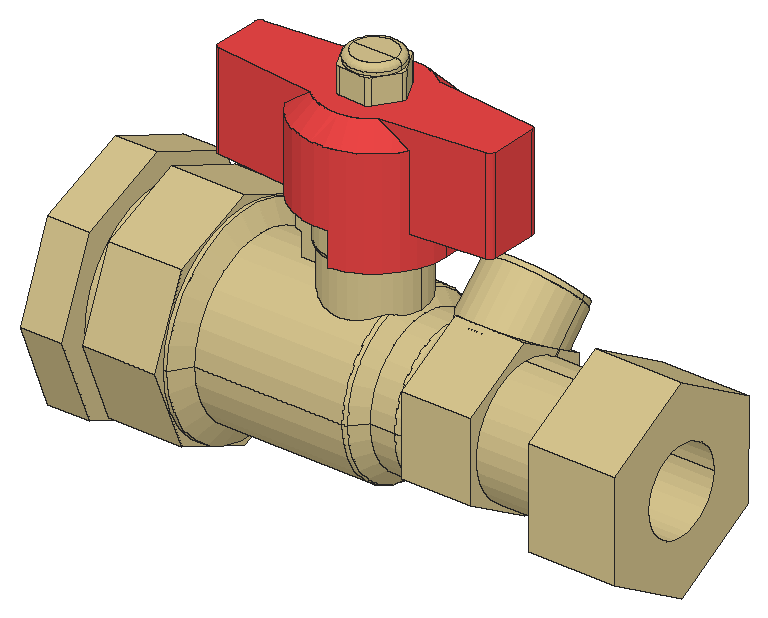
Revit family "QD00640000", category Apparecchi idraulici, Revit 2016
Family settings
  Tipo di parte = Normale
  Quota connettore circolare = Usa diametro
  Numero OmniClass = 23.45.00.00
  Titolo OmniClass = Sanitary, Laundry, and Cleaning Equipment
  Basato su piano di lavoro = No
  Sempre verticale = Sì
  Taglio con vuoti quando caricato = No
  Condiviso = No
  Punto di calcolo locali = No
Parameters
  URL = "https://web.cimberio.it/index.php/figura/329?subcategoria_id=43550"
  Produttore = "CIMBERIO SPA"
  Modello = "Cim 303PE"
  DN Model [instance] = QD00643146 : QD00643146
  DN [instance] = 15 mm
Reference planes
  plane 1 "Centro (Fronte/Retro)": y = 0
  plane 2: z = 0
  plane 3 "Centro (Sinistra/Destra)": x = 0
Dimensions and locks
  aligned and locked: level to plane 2
Nested families
  nested 1: "QD00643146" at (0, 0, 0), type <- "DN Model", type "QD00643146"
  nested 2: "QD00643146" at (0, 0, 0), type <- "DN Model", type "QD00643146"
  nested 3: "QD00643146" at (0, 0, 0), type <- "DN Model", type "QD00643146"
Connectors
  piping at (55.2, 0, 0), diameter 15, driven by "DN"
    settings: on nested 1, index 1, connector inside diameter 609.6 mm, connector length 0 mm, flow factor 0, pipe flow 0.0 L/s, pressure drop 0.0 Pa, fitting loss kfactor 0, connector angle 0.00°, fixture units 0, engagement length 0 mm, angle of deflection 0.00°, flow configuration 0, flow direction 0, fitting loss method 0, system type 7, joint type 0, gender type 0, connector reference index -1, connector utility 0, adjustable connector no, is connector primary yes, connector description ""
  piping at (-46.697, 0, 0), diameter 15, driven by "DN"
    settings: on nested 1, index 2, connector inside diameter 609.6 mm, connector length 0 mm, flow factor 0, pipe flow 0.0 L/s, pressure drop 0.0 Pa, fitting loss kfactor 0, connector angle 0.00°, fixture units 0, engagement length 0 mm, angle of deflection 0.00°, flow configuration 0, flow direction 0, fitting loss method 0, system type 7, joint type 0, gender type 0, connector reference index -1, connector utility 0, adjustable connector no, is connector primary no, connector description ""
Definition of nested family "QD00643146"
  Parameters (values of type "QD00643146")
    Model = "QD40403139"
    DN [instance] = "3/4\""
  Reference planes
    plane 1 "Centro (Fronte/Retro)": y = 0
    plane 2: z = 0
    plane 3 "Centro (Sinistra/Destra)": x = 0
  Forms (mm)
    Revolve 1, solid
      sketch origin (0, 0, 0) x (1, 0, 0) y (0, 0, 1)
        loop
          line (0.063, 27.3) -> (0.063, 11.623) -> (8.5, 11.623) -> (8.5, 21)
          arc (8.5, 21) -> (8.863, 21.294) -> (9, 21.742) r 0.8
          line (9, 21.742) -> (9, 27.3) -> (0.063, 27.3)
        axis (0.063, 11.623) -> (0.063, 27.3)
      angle from 0 to 360
    Revolve 2, solid
      sketch origin (0, 0, 0) x (1, 0, 0) y (0, 0, 1)
        loop
          line (0, 30.531) -> (-6.985, 30.531) -> (-6.985, 27.3) -> (0, 27.3) -> (0, 30.531)
        axis (0, 30.531) -> (0, 27.3)
      angle from 0 to 360
    Revolve 3, solid
      sketch origin (0, 0, 0) x (1, 0, 0) y (0, 0, 1)
        loop
          line (0, 45.8) -> (-9.25, 45.8) -> (-12.882, 42.168) -> (-12.882, 22.875) -> (-7.25, 22.875) -> (-7.25, 38.318) -> (0, 38.318) -> (0, 45.8)
        axis (0, 45.8) -> (0, 22.875)
      angle from 0 to 360
    Revolve 4, solid
      sketch origin (0, 0, 0) x (1, 0, 0) y (0, 0, 1)
        loop
          line (0, 51.8) -> (0, 50.016) -> (4.75, 50.016) -> (4.75, 50.8)
          arc (4.75, 50.8) -> (4.457, 51.507) -> (3.75, 51.8) r 1
          line (3.75, 51.8) -> (0, 51.8)
        axis (0, 51.8) -> (0, 50.016)
      angle from 0 to 360
    Extrusion 5, solid
      sketch origin (0, 0, 28.55) x (0.998808, 0.048819, 0) y (-0.048819, 0.998808, 0)
        loop
          line (5.501, 0.127) -> (3.472, 4.287)
          arc (3.472, 4.287) -> (3.145, 4.663) -> (2.674, 4.825) r 0.962
          line (2.674, 4.825) -> (-1.937, 5.147)
          arc (-1.937, 5.147) -> (-2.461, 5.045) -> (-2.864, 4.695) r 1.032
          line (-2.864, 4.695) -> (-5.424, 0.899)
          arc (-5.424, 0.899) -> (-5.599, 0.392) -> (-5.496, -0.136) r 1.038
          line (-5.496, -0.136) -> (-3.479, -4.272)
          arc (-3.479, -4.272) -> (-3.142, -4.659) -> (-2.657, -4.826) r 0.991
          line (-2.657, -4.826) -> (1.958, -5.149)
          arc (1.958, -5.149) -> (2.463, -5.05) -> (2.852, -4.713) r 0.994
          line (2.852, -4.713) -> (5.429, -0.891)
          arc (5.429, -0.891) -> (5.601, -0.392) -> (5.501, 0.127) r 1.021
      from 17.25 to 21.75
    Extrusion 6, void
      sketch origin (0, 0, 28.55) x (1, 0, 0) y (0, 1, 0)
        loop
          line (-8.367, 1.5) -> (-14.411, 1.5)
          arc (-14.411, 1.5) -> (-10.156, -10.334) -> (1.75, -14.383) r 14.489
          line (1.75, -14.383) -> (1.75, -8.318)
          arc (1.75, -8.318) -> (-5.92, -6.1) -> (-8.367, 1.5) r 8.5
      from -6.445 to 0.25
    Extrusion 7, solid
      sketch origin (0, 0, 28.55) x (1, 0, 0) y (0, 1, 0)
        loop
          line (-25, 4.095) -> (-25, -4.095)
          arc (-25, -4.095) -> (-24.741, -4.766) -> (-24.099, -5.09) r 1
          line (-24.099, -5.09) -> (0, -7.495) -> (24.099, -5.09)
          arc (24.099, -5.09) -> (24.741, -4.766) -> (25, -4.095) r 1
          line (25, -4.095) -> (25, 4.095)
          arc (25, 4.095) -> (24.741, 4.766) -> (24.099, 5.09) r 1
          line (24.099, 5.09) -> (0, 7.495) -> (-24.099, 5.09)
          arc (-24.099, 5.09) -> (-24.741, 4.766) -> (-25, 4.095) r 1
      from 0.25 to 17.25
    Revolve 8, solid
      sketch origin (0, 0, 0) x (1, 0, 0) y (0, 0, 1)
        loop
          line (39.7, 11.1) -> (27, 11.1) -> (27, 7.5) -> (39.7, 7.5) -> (39.7, 11.1)
        axis (27, 0) -> (39.7, 0)
      angle from 0 to 360
    Extrusion 9, solid
      sketch origin (10, 0, 0) x (0, 1, 0) y (0, 0, 1)
        loop
          circle (0, 0) r 7.5
        loop
          line (0, 17.4) -> (-15.069, 8.7) -> (-15.069, -8.7) -> (0, -17.4) -> (15.069, -8.7) -> (15.069, 8.7) -> (0, 17.4)
      from 29.7 to 45.2
    Extrusion 10, solid
      sketch origin (0, 0, 0) x (1, 0, 0) y (0, 0, 1)
        loop
          line (-13, 26.395) -> (-13, 19.375) -> (-12, 18.798) -> (-12, 10.345) -> (-7.86, 10.345) -> (-7.86, 26.395) -> (-13, 26.395)
      from -1.5 to 1.5
    Revolve 11, solid
      sketch origin (0, 0, 0) x (1, 0, 0) y (0, 1, 0)
        loop
          line (13.5, 12.5) -> (9, 12.5) -> (6.793, 14.707)
          arc (6.793, 14.707) -> (6.468, 14.924) -> (6.085, 15) r 1
          line (6.085, 15) -> (-20.6, 15) -> (-22.621, 18.5) -> (-23.487, 18.5) -> (-23.487, 7.5) -> (14.5, 7.5) -> (14.5, 11.5)
          arc (14.5, 11.5) -> (14.207, 12.207) -> (13.5, 12.5) r 1
        axis (-23.487, 0) -> (14.5, 0)
      angle from 0 to 360
    Extrusion 12, solid
      sketch origin (0, 0, 0) x (0, 1, 0) y (0, 0, 1)
        loop
          circle (0, 0) r 7.5
        loop
          line (0, 14) -> (-12.124, 7) -> (-12.124, -7) -> (0, -14) -> (12.124, -7) -> (12.124, 7) -> (0, 14)
      from 14.5 to 27
    Extrusion 13, solid
      sketch origin (-11, 0, 0) x (0, 0, 1) y (0, 1, 0)
        loop
          circle (0, 0) r 7.5
        loop
          line (20.15, 0) -> (14.248, 14.248) -> (0, 20.15) -> (-14.248, 14.248) -> (-20.15, 0) -> (-14.248, -14.248) -> (0, -20.15) -> (14.248, -14.248) -> (20.15, 0)
      from 12.487 to 25.6
    Revolve 14, solid
      sketch origin (0, 0, 0) x (1, 0, 0) y (0, 0, 1)
        loop
          line (-39.197, 16.5) -> (-39.197, 7.5) -> (-36.6, 7.5) -> (-36.6, 16.5) -> (-39.197, 16.5)
        axis (-39.197, 0) -> (-36.6, 0)
      angle from 0 to 360
    Extrusion 15, solid
      sketch origin (-11, 0, 0) x (0, 0, 1) y (0, 1, 0)
        loop
          circle (0, 0) r 7.5
        loop
          line (21.5, 0) -> (15.203, 15.203) -> (0, 21.5) -> (-15.203, 15.203) -> (-21.5, 0) -> (-15.203, -15.203) -> (0, -21.5) -> (15.203, -15.203) -> (21.5, 0)
      from 28.197 to 35.697
    Revolve 16, solid
      sketch origin (0, 1.45, 3.23) x (1, 0, 0) y (0, 0.707107, 0.707107)
        loop
          line (26.862, 16.553) -> (18.5, 16.553) -> (18.5, 5.502) -> (27.059, 5.502) -> (26.862, 16.553)
        axis (18.5, 16.553) -> (18.5, 5.502)
      angle from 0 to 360
    Extrusion 17, solid
      sketch origin (18.5, 13.154, 14.935) x (1, 0, 0) y (0, 0.707107, -0.707107)
        loop
          circle (0, 0) r 8.153
      from 0 to 0.908
  Cuts and joins
    Extrusion 6 cuts Revolve 3
    joined: Revolve 3, Extrusion 7
  Dimensions and locks
    aligned and locked: level to plane 2
